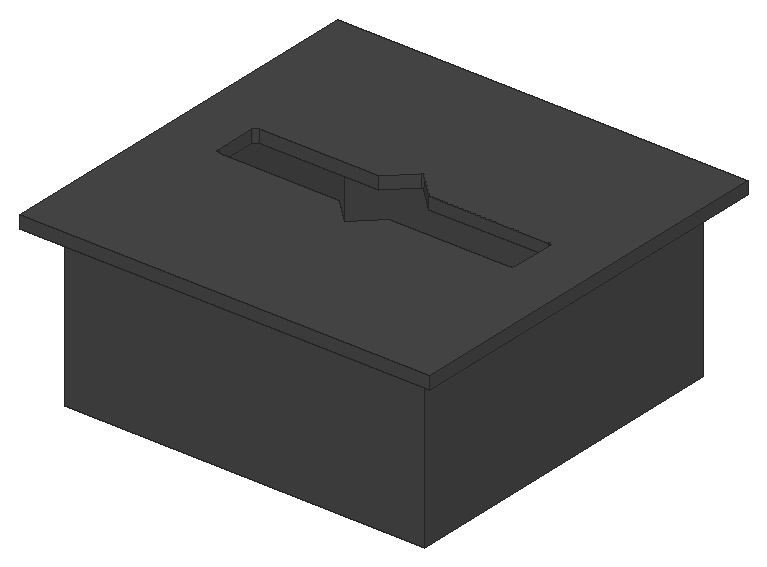
Revit family "QF_Vollrath_FMT-1", category Specialty Equipment, Revit 2018
Family settings
  Round Connector Dimension = Use Diameter
  Part Type = Normal
  Work Plane-Based = No
  Always vertical = Yes
  Cut with Voids When Loaded = Yes
  Shared = No
  Room Calculation Point = No
Parameters
  Weight in Pounds = 0
  TM Utilties = "0"
  Serial Number [instance] = ""
  Model = "FMT-1"
  Manufacturer = "Vollrath"
  Keynote = ""
  Item Number [instance] = ""
  Installed By = "KEC"
  Include In Foodservice Schedule = yes
  Furnished By = "KEC"
  Description = "Waxed Tissue Dispenser"
  Cost = 0
  CSI MasterFormat = ""
Reference planes (in)
  plane 1 "Unit_Center (F/B)": y = 0
  plane 2: z = 0
  plane 3 "Unit_Center (L/R)": x = 0
  plane 4: x = 4.125
  plane 5: x = -4.125
  plane 6 "Rear": y = 4
  plane 7 "Front": y = -4
  plane 8 "Top": z = 3.49
  plane 9 "Bottom of Top": z = 3.24
  plane 10 "Base Left": x = -3.625
  plane 11 "Base Right": x = 3.625
  plane 12 "Base Front": y = -3.5
  plane 13 "Base Rear": y = 3.5
Forms (in)
  Extrusion 1, solid, material "QF_Finishes-Black"
    sketch origin (0, 0, 0) x (1, 0, 0) y (0, 1, 0)
      loop
        line (-4.125, 4) -> (-4.125, -4) -> (4.125, -4) -> (4.125, 4) -> (-4.125, 4)
      loop
        line (-2.90582, -0.5) -> (-0.5, -0.5) -> (-0.03163, -0.96837)
        arc (-0.03163, -0.96837) -> (0, -0.97955) -> (0.03163, -0.96837) r 0.05034
        line (0.03163, -0.96837) -> (0.5, -0.5) -> (2.90582, -0.5)
        arc (2.90582, -0.5) -> (2.97241, -0.47241) -> (3, -0.40582) r 0.09418
        line (3, -0.40582) -> (3, 0.40582)
        arc (3, 0.40582) -> (2.97241, 0.47241) -> (2.90582, 0.5) r 0.09418
        line (2.90582, 0.5) -> (0.5, 0.5) -> (0.03163, 0.96837)
        arc (0.03163, 0.96837) -> (0, 0.97955) -> (-0.03163, 0.96837) r 0.05034
        line (-0.03163, 0.96837) -> (-0.5, 0.5) -> (-2.90582, 0.5)
        arc (-2.90582, 0.5) -> (-2.97241, 0.47241) -> (-3, 0.40582) r 0.09418
        line (-3, 0.40582) -> (-3, -0.40582)
        arc (-3, -0.40582) -> (-2.97241, -0.47241) -> (-2.90582, -0.5) r 0.09418
    from 3.24 to 3.49
  Extrusion 2, solid, material "QF_Finishes-Black"
    sketch origin (0, 0, 0) x (1, 0, 0) y (0, 1, 0)
      loop
        line (-3.625, 3.5) -> (-3.625, -3.5) -> (3.625, -3.5) -> (3.625, 3.5) -> (-3.625, 3.5)
      loop
        line (-3.5, 3.375) -> (-3.5, -3.375) -> (3.5, -3.375) -> (3.5, 3.375) -> (-3.5, 3.375)
    from 0 to 3.24
  Extrusion 3, solid, material "QF_Finishes-Black"
    sketch origin (0, 0, 0) x (1, 0, 0) y (0, 0, 1)
      loop
        line (-3.5, 0) -> (3.5, 0) -> (3.5, 0.125) -> (-3.5, 0.125) -> (-3.5, 0)
    from -3.375 to 3.375
Dimensions and locks (in)
  aligned and locked: plane 2 to level
  aligned and locked: Extrusion 1 to plane 9 "Bottom of Top"
  aligned and locked: Extrusion 2 to level
  aligned and locked: plane 9 "Bottom of Top" to Extrusion 2
